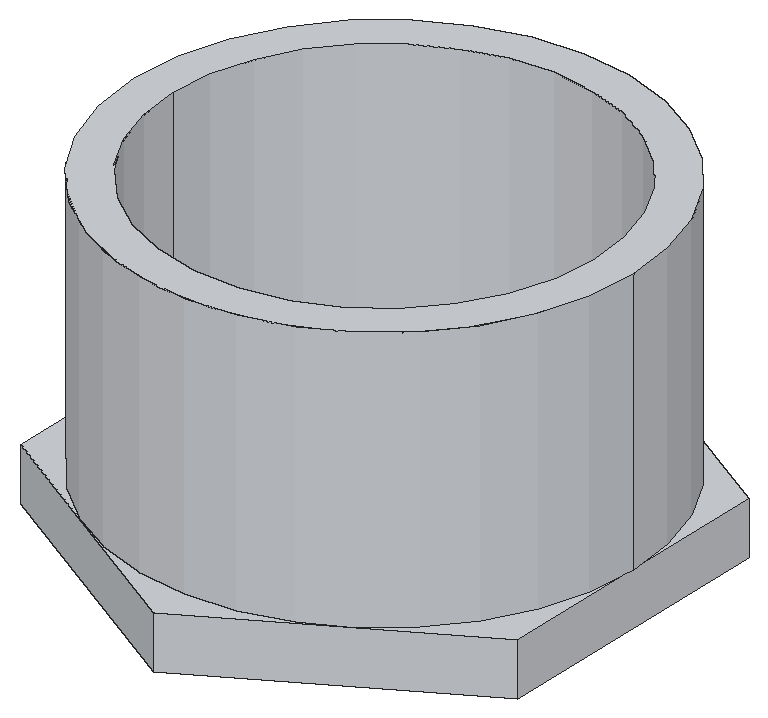
Revit family "MBBL3", category Generic Models, Revit 2017
Family settings
  Can host rebar = No
  Round Connector Dimension = Use Diameter
  Part Type = Normal
  Work Plane-Based = Yes
  Always vertical = No
  Cut with Voids When Loaded = No
  Shared = No
  Room Calculation Point = No
Parameters (values of type "NBS Standard Parameters")
  Weight = "0.0300Kg"
  WarrantyStartDate [instance] = "1900-12-31T23:59:59"
  WarrantyGuarantorParts = "n/a"
  WarrantyGuarantorLabor = "n/a"
  WarrantyDurationUnit = "1 year"
  WarrantyDurationParts = "1 year"
  WarrantyDurationLabor = "n/a"
  WarrantyDescription = "n/a"
  Version = "1"
  Uniclass2 = "Pr_65_70_11_20"
  TagNumber [instance] = "n/a"
  SustainabilityPerformance = "n/a"
  Size = "32mm"
  Shape = "Circular"
  SerialNumber [instance] = "n/a"
  Revision = "n/a"
  ReplacementCost = "n/a"
  ProductInformation = "www.metpro.co.uk/pdf/mbbl3.pdf"
  NominalWidth = 33 mm
  NominalLength = 33 mm
  NominalHeight = 21 mm
  Name = ""
  NBSTypeID = ""
  NBSReference = "90-55-10/460"
  NBSOfficeMasterTag = ""
  NBSNote = ""
  NBSDescription = "Conduit Fittings"
  NBSCertification = ""
  ModelReference = "MBBL3"
  ModelNumber = "n/a"
  Material = "Brass"
  ManufacturerURL = "www.metpro.co.uk"
  ManufacturerName = "Metpro Ltd"
  InstallationDate [instance] = "1900-12-31T23:59:59"
  IfcExportType = ""
  IfcExportAs = ""
  Grade = "n/a"
  Finish = "Self Colour"
  Features = "n/a"
  ExpectedLife = "n/a"
  DurationUnit = "year"
  Description = "MBBL3 - 32mm Male Brass Bush - Long"
  Default Elevation = 1219.2 mm
  Constituents = "n/a"
  Color = "n/a"
  CodePerformance = "n/a"
  Category = "n/a"
  BarCode [instance] = "n/a"
  BIMObjectName = "Metpro_metprolibrary_conduitfittings_metalcomponents_steelaccessories"
  Author = "Metpro Ltd"
  AssetType = "Fixed"
  AssetIdentifier [instance] = "n/a"
  AccessibilityPerformance = "n/a"
Reference planes
  plane 1 "Center (Front/Back)": y = 0
  plane 2: z = 0
  plane 3 "Center (Left/Right)": x = 0
Forms (mm)
  Extrusion 1, solid
    sketch origin (0, 0, 0) x (1, 0, 0) y (0, 1, 0)
      loop
        circle (8.689, 13.293) r 14
      loop
        line (-7.77, 3.791) -> (8.689, -5.712) -> (25.147, 3.791) -> (25.147, 22.795) -> (8.689, 32.298) -> (-7.77, 22.795) -> (-7.77, 3.791)
    from 0 to 3.5
  Extrusion 2, solid
    sketch origin (0, 0, 3.5) x (1, 0, 0) y (0, 1, 0)
      loop
        circle (8.689, 13.293) r 14
      loop
        circle (8.689, 13.293) r 16.5
    from 0 to 17.5
Dimensions and locks
  aligned and locked: level to plane 2
